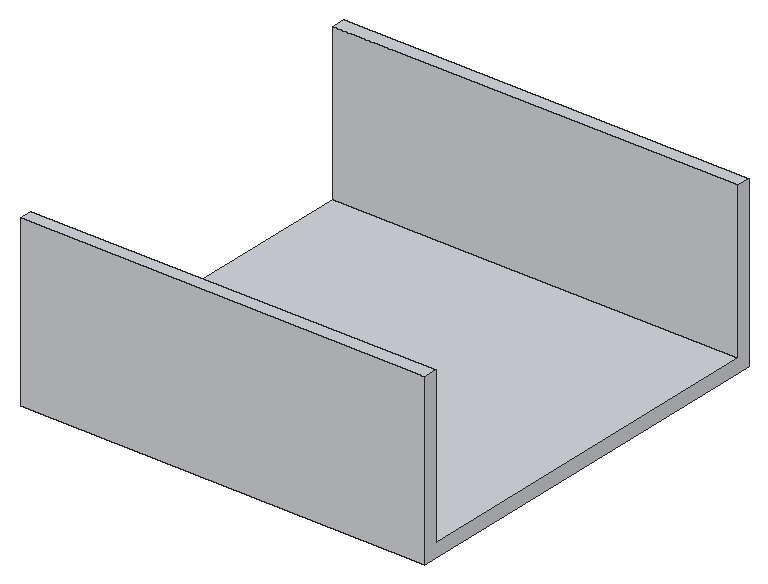
Revit family "bde96a241ac441f39dd0cd318b467a1e", category Cable Tray Fittings, Revit 2021
Family settings
  Round Connector Dimension = Use Diameter
  Part Type = Channel Union
  OmniClass Number = 23.80.30.17.17
  OmniClass Title = Cable Trays and Horizontal Racks
  Seek Item ID = Channel Union-0000-USA-ENU
  Work Plane-Based = No
  Always vertical = Yes
  Cut with Voids When Loaded = No
  Shared = No
Parameters (values of type "Standard")
  Tray Width [instance] = 3"
  Tray Length [instance] = 3"
  Tray Height [instance] = 1 1/4"
  built-in parameter 1140111 [instance] = 0' - 0 13/128"
  Default Elevation = 0' - 0"
Reference planes (in)
  plane 1 "Center (Front/Back)": y = 0
  plane 2: z = 0
  plane 3 "Center (Left/Right)": x = 0
  plane 4: x = 1.5
  plane 5: y = 1.5
  plane 6: y = -1.5
  plane 7: z = 0.625
  plane 8: z = -0.625
  plane 9: z = -0.52344
  plane 10: y = 1.39844
  plane 11: y = -1.39844
  plane 12: y = 1.5
  plane 13: y = -1.5
  plane 14: z = 0.625
  plane 15: z = -0.625
  plane 16: x = 3
Forms (in)
  Sweep 1, solid, detail levels fine
    path in 3D
      loop
        line (0, 0, 0) -> (3, 0, 0)
    profile origin (1.5, 0, 0) x (0, 1, 0) y (0, 0, 1)
      loop
        line (1.5, -0.625) -> (1.5, 0.625) -> (1.39844, 0.625) -> (1.39844, -0.52344) -> (-1.39844, -0.52344) -> (-1.39844, 0.625) -> (-1.5, 0.625) -> (-1.5, -0.625) -> (1.5, -0.625)
  Sweep 2, solid, detail levels medium
    path in 3D
      loop
        line (0, 0, 0) -> (3, 0, 0)
    profile origin (1.5, 0, 0) x (0, 1, 0) y (0, 0, 1)
      loop
        line (1.5, 0.625) -> (-1.5, 0.625) -> (-1.5, -0.625) -> (1.5, -0.625) -> (1.5, 0.625)
Lines and regions (in)
  model lines, detail levels coarse
    curve 1: line (0, 0, 0) -> (3, 0, 0)
  sketch lines
    curve 2: line (0, 0, 0) -> (3, 0, 0)
    curve 3: line (0, 0, 0) -> (3, 0, 0)
Dimensions and locks (in)
  equal spacing: plane 5, plane 1 "Center (Front/Back)", plane 6
  "Tray Width": plane 5 to plane 6
  equal spacing: plane 7, plane 2, plane 8
  "Tray Height": plane 7 to plane 8
  "built-in parameter 1140111": plane 5 to plane 10
  "built-in parameter 1140111": plane 11 to plane 6
  "built-in parameter 1140111": plane 8 to plane 9
  "Tray Width": plane 12 to plane 13
  equal spacing: plane 12, plane 1 "Center (Front/Back)", plane 13
  equal spacing: plane 14, plane 2, plane 15
  "Tray Height": plane 14 to plane 15
  equal spacing: plane 3 "Center (Left/Right)", plane 4, plane 16
  "Tray Length": plane 3 "Center (Left/Right)" to plane 16
  aligned and locked: plane 1 "Center (Front/Back)" to curve 1
  aligned and locked: plane 6 to Sweep 1 sketch curve  (x2)
  aligned and locked: plane 8 to Sweep 1 sketch curve  (x2)
  aligned and locked: Sweep 1 sketch curve to plane 5
  aligned and locked: plane 7 to Sweep 1 sketch curve  (x3)
  aligned and locked: plane 11 to Sweep 1 sketch curve  (x2)
  aligned and locked: plane 9 to Sweep 1 sketch curve  (x2)
  aligned and locked: plane 10 to Sweep 1 sketch curve  (x2)
  aligned and locked: Sweep 1 sketch curve to plane 7
  aligned and locked: Sweep 2 sketch curve to plane 14
  aligned and locked: Sweep 2 sketch curve to plane 15
  aligned and locked: plane 13 to Sweep 2 sketch curve
  aligned and locked: plane 12 to Sweep 2 sketch curve
  aligned and locked: plane 16 to curve 1
  aligned and locked: plane 3 "Center (Left/Right)" to curve 1
Connectors (in)
  cabletrayconduit at (0, 0, 0), diameter 24, driven by "Tray Height", driven by "Tray Width"
    settings: on Sweep 2, index 1, connector width 0' - 3", connector height 0' - 1 1/4", connector angle 0.00°, system type 32, placement type 0, profile type 1, connector reference index 2, is primary connector yes, connector utility param no, connector description ""
  cabletrayconduit at (3, 0, 0), diameter 24, driven by "Tray Height", driven by "Tray Width"
    settings: on Sweep 2, index 2, connector width 0' - 3", connector height 0' - 1 1/4", connector angle 0.00°, system type 32, placement type 0, profile type 1, connector reference index 1, is primary connector no, connector utility param no, connector description ""
